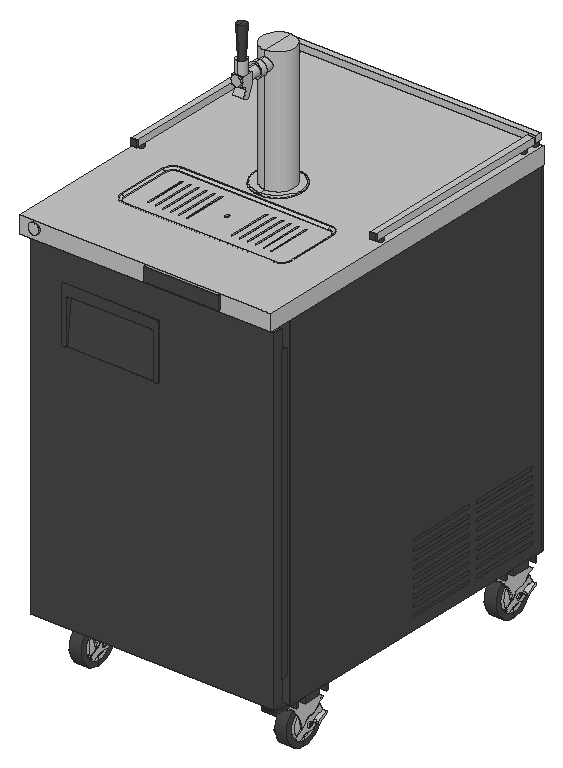
Revit family "QF_EVEREST_EBD1", category Specialty Equipment, Revit 2015 (continued)
Definition of nested family "EBD1"
  Lines and regions (mm)
    symbolic lines
      curve 10: line (7, -490, 0) -> (7, -20, 0)
      curve 11: line (21.349, -490, 0) -> (7, -490, 0)
      curve 12: line (21.349, -20, 0) -> (21.349, -490, 0)
      curve 13: line (7, -14.544, 0) -> (7, 0, 0)
      curve 14: line (7, -14.544, 0) -> (589, -14.544, 0)
      curve 15: line (589, -14.544, 0) -> (589, 0, 0)
      curve 16: line (310.005, -541.25, 0) -> (286.048, -541.25, 0)
      curve 17: line (286.048, -541.25, 0) -> (286.048, -485.25, 0)
      curve 18: line (310.005, -541.25, 0) -> (310.005, -485.25, 0)
      curve 19: line (315, -485.25, 0) -> (281, -485.25, 0)
      curve 20: line (281, -485.25, 0) -> (281, -472.25, 0)
      curve 21: line (281, -472.25, 0) -> (315, -472.25, 0)
      curve 22: line (315, -472.25, 0) -> (315, -485.25, 0)
      curve 23: line (475.5, -483, 0) -> (315, -483, 0)
      curve 24: line (475.5, -490.029, 0) -> (310.005, -490.029, 0)
      curve 25: arc (102.529, -508, 0) -> (107.792, -495.292, 0) -> (120.5, -490.029, 0) r 17.971
      curve 26: arc (95.5, -508, 0) -> (102.822, -490.322, 0) -> (120.5, -483, 0) r 25
      curve 27: line (95.5, -508, 0) -> (95.5, -630, 0)
      curve 28: arc (120.5, -655, 0) -> (102.822, -647.678, 0) -> (95.5, -630, 0) r 25
      curve 29: line (120.5, -655, 0) -> (475.5, -655, 0)
      curve 30: arc (500.5, -630, 0) -> (493.178, -647.678, 0) -> (475.5, -655, 0) r 25
      curve 31: line (500.5, -630, 0) -> (500.5, -508, 0)
      curve 32: arc (475.5, -483, 0) -> (493.178, -490.322, 0) -> (500.5, -508, 0) r 25
      curve 33: arc (475.5, -490.029, 0) -> (488.208, -495.292, 0) -> (493.471, -508, 0) r 17.971
      curve 34: line (493.471, -630, 0) -> (493.471, -508, 0)
      curve 35: arc (493.471, -630, 0) -> (488.208, -642.708, 0) -> (475.5, -647.971, 0) r 17.971
      curve 36: line (120.5, -647.971, 0) -> (475.5, -647.971, 0)
      curve 37: arc (120.5, -647.971, 0) -> (107.792, -642.708, 0) -> (102.529, -630, 0) r 17.971
      curve 38: line (102.529, -508, 0) -> (102.529, -630, 0)
      curve 39: line (281, -483, 0) -> (120.5, -483, 0)
      curve 40: line (286.048, -490.029, 0) -> (120.5, -490.029, 0)
      curve 41: arc (313.928, -472.25, 0) -> (298, -359.5, 0) -> (282.072, -472.25, 0) r 57.5
      curve 42: arc (298, -378.75, 0) -> (259.75, -417, 0) -> (298, -455.25, 0) r 38.25
      curve 43: arc (298, -455.25, 0) -> (336.25, -417, 0) -> (298, -378.75, 0) r 38.25
      curve 44: line (153.417, -519.015, 0) -> (153.417, -617.212, 0)
      curve 45: arc (153.417, -617.212, 0) -> (150.917, -619.712, 0) -> (148.417, -617.212, 0) r 2.5
      curve 46: line (148.417, -617.212, 0) -> (148.417, -519.015, 0)
      curve 47: arc (148.417, -519.015, 0) -> (150.917, -516.515, 0) -> (153.417, -519.015, 0) r 2.5
      curve 48: line (172.167, -519.015, 0) -> (172.167, -617.212, 0)
      curve 49: arc (172.167, -617.212, 0) -> (169.667, -619.712, 0) -> (167.167, -617.212, 0) r 2.5
      curve 50: line (167.167, -617.212, 0) -> (167.167, -519.015, 0)
      curve 51: arc (167.167, -519.015, 0) -> (169.667, -516.515, 0) -> (172.167, -519.015, 0) r 2.5
      curve 52: line (185.917, -617.212, 0) -> (185.917, -519.015, 0)
      curve 53: arc (185.917, -519.015, 0) -> (188.417, -516.515, 0) -> (190.917, -519.015, 0) r 2.5
      curve 54: line (190.917, -519.015, 0) -> (190.917, -617.212, 0)
      curve 55: arc (190.917, -617.212, 0) -> (188.417, -619.712, 0) -> (185.917, -617.212, 0) r 2.5
      curve 56: line (204.667, -617.212, 0) -> (204.667, -519.015, 0)
      curve 57: arc (204.667, -519.015, 0) -> (207.167, -516.515, 0) -> (209.667, -519.015, 0) r 2.5
      curve 58: line (209.667, -519.015, 0) -> (209.667, -617.212, 0)
      curve 59: arc (209.667, -617.212, 0) -> (207.167, -619.712, 0) -> (204.667, -617.212, 0) r 2.5
      curve 60: line (223.417, -617.212, 0) -> (223.417, -519.015, 0)
      curve 61: arc (223.417, -519.015, 0) -> (225.917, -516.515, 0) -> (228.417, -519.015, 0) r 2.5
      curve 62: line (228.417, -519.015, 0) -> (228.417, -617.212, 0)
      curve 63: arc (228.417, -617.212, 0) -> (225.917, -619.712, 0) -> (223.417, -617.212, 0) r 2.5
      curve 64: line (242.167, -617.212, 0) -> (242.167, -519.015, 0)
      curve 65: arc (242.167, -519.015, 0) -> (244.667, -516.515, 0) -> (247.167, -519.015, 0) r 2.5
      curve 66: line (247.167, -519.015, 0) -> (247.167, -617.212, 0)
      curve 67: arc (247.167, -617.212, 0) -> (244.667, -619.712, 0) -> (242.167, -617.212, 0) r 2.5
      curve 68: line (353.833, -519.015, 0) -> (353.833, -617.212, 0)
      curve 69: arc (353.833, -617.212, 0) -> (351.333, -619.712, 0) -> (348.833, -617.212, 0) r 2.5
      curve 70: line (348.833, -617.212, 0) -> (348.833, -519.015, 0)
      curve 71: arc (348.833, -519.015, 0) -> (351.333, -516.515, 0) -> (353.833, -519.015, 0) r 2.5
      curve 72: line (367.583, -617.212, 0) -> (367.583, -519.015, 0)
      curve 73: arc (367.583, -519.015, 0) -> (370.083, -516.515, 0) -> (372.583, -519.015, 0) r 2.5
      curve 74: line (372.583, -519.015, 0) -> (372.583, -617.212, 0)
      curve 75: arc (372.583, -617.212, 0) -> (370.083, -619.712, 0) -> (367.583, -617.212, 0) r 2.5
      curve 76: line (386.333, -617.212, 0) -> (386.333, -519.015, 0)
      curve 77: arc (386.333, -519.015, 0) -> (388.833, -516.515, 0) -> (391.333, -519.015, 0) r 2.5
      curve 78: line (391.333, -519.015, 0) -> (391.333, -617.212, 0)
      curve 79: arc (391.333, -617.212, 0) -> (388.833, -619.712, 0) -> (386.333, -617.212, 0) r 2.5
      curve 80: line (405.083, -617.212, 0) -> (405.083, -519.015, 0)
      curve 81: arc (405.083, -519.015, 0) -> (407.583, -516.515, 0) -> (410.083, -519.015, 0) r 2.5
      curve 82: line (410.083, -519.015, 0) -> (410.083, -617.212, 0)
      curve 83: arc (410.083, -617.212, 0) -> (407.583, -619.712, 0) -> (405.083, -617.212, 0) r 2.5
      curve 84: line (423.833, -617.212, 0) -> (423.833, -519.015, 0)
      curve 85: arc (423.833, -519.015, 0) -> (426.333, -516.515, 0) -> (428.833, -519.015, 0) r 2.5
      curve 86: line (428.833, -519.015, 0) -> (428.833, -617.212, 0)
      curve 87: arc (428.833, -617.212, 0) -> (426.333, -619.712, 0) -> (423.833, -617.212, 0) r 2.5
      curve 88: line (442.583, -617.212, 0) -> (442.583, -519.015, 0)
      curve 89: arc (442.583, -519.015, 0) -> (445.083, -516.515, 0) -> (447.583, -519.015, 0) r 2.5
      curve 90: line (447.583, -519.015, 0) -> (447.583, -617.212, 0)
      curve 91: arc (447.583, -617.212, 0) -> (445.083, -619.712, 0) -> (442.583, -617.212, 0) r 2.5
      curve 92: arc (298, -563.114, 0) -> (303, -568.114, 0) -> (298, -573.114, 0) r 5
      curve 93: arc (298, -573.114, 0) -> (293, -568.114, 0) -> (298, -563.114, 0) r 5
      curve 94: arc (9.4, -812, 0) -> (34.223, -959.384, 0) -> (96.007, -1095.475, 0) r 578
      curve 95: line (96.007, -1095.475, 0) -> (587, -812, 0)
      curve 96: line (313, -472.25, 0) -> (313, -452.186, 0)
      curve 97: line (283, -472.25, 0) -> (283, -452.186, 0)
  Dimensions and locks
    equal spacing: plane 3 "LEFT", plane 7 "Center Y", plane 4 "RIGHT"
    "Length": plane 3 "LEFT" to plane 4 "RIGHT"
    equal spacing: plane 5 "FRONT", plane 8 "Center X", plane 1 "BACK"
    "Depth": plane 5 "FRONT" to plane 1 "BACK"
    "Height": plane 6 "TOP" to level
    plane 6 "TOP" to plane 2 = 1001 mm
    plane 6 "TOP" to plane 9 = 876 mm
    plane 9 to plane 2 = 125 mm
    plane 6 "TOP" to plane 10 = 871 mm
    plane 6 "TOP" to plane 11 = 388 mm
    plane 12 to plane 6 "TOP" = 300 mm
    plane 5 "FRONT" to plane 1 "BACK" = 812 mm
    plane 13 to plane 1 "BACK" = 1365 mm
    aligned and locked: level to plane 2
  Automatic sketch dimensions
    curve 25 to curve 26 = 0 mm  (x2)
    curve 28 to curve 37 = 0 mm  (x2)
    curve 30 to curve 35 = 0 mm  (x2)
    curve 32 to curve 33 = 0 mm  (x2)
    curve 41 to curve 42 = 0 mm  (x2)
    curve 41 to curve 43 = 0 mm  (x2)
    curve 42 to curve 43 = 0 mm  (x2)
    curve 92 to curve 93 = 0 mm  (x2)
    curve 1 to plane 3 "LEFT" = 0 mm
    plane 1 "BACK" to curve 13 = 0 mm
    plane 5 "FRONT" to curve 94 = 0 mm
    curve 42 to plane 7 "Center Y" = 0 mm
    curve 93 to plane 7 "Center Y" = 0 mm
    curve 3 to plane 4 "RIGHT" = 0 mm
    plane 3 "LEFT" to curve 13 = 7 mm
    plane 3 "LEFT" to curve 11 = 7 mm
    curve 10 to curve 12 = 14.349 mm
    plane 3 "LEFT" to curve 27 = 95.5 mm
    plane 3 "LEFT" to curve 95 = 96.007 mm
    curve 28 to curve 38 = 7.029 mm
    curve 37 to curve 37 = 17.971 mm
    curve 25 to curve 26 = 17.971 mm
    curve 28 to curve 46 = 27.917 mm
    curve 47 to curve 47 = 2.5 mm
    curve 44 to curve 50 = 13.75 mm
    curve 51 to curve 51 = 2.5 mm
    curve 48 to curve 52 = 13.75 mm
    curve 52 to curve 55 = 2.5 mm
    curve 53 to curve 56 = 13.75 mm
    curve 56 to curve 59 = 2.5 mm
    curve 58 to curve 60 = 13.75 mm
    curve 61 to curve 61 = 2.5 mm
    curve 62 to curve 64 = 13.75 mm
    curve 65 to curve 65 = 2.5 mm
    curve 20 to plane 7 "Center Y" = 17 mm
    curve 17 to plane 7 "Center Y" = 11.952 mm
    plane 7 "Center Y" to curve 18 = 12.005 mm
    curve 18 to curve 19 = 4.995 mm
    curve 16 to curve 70 = 38.828 mm
    curve 70 to curve 71 = 2.5 mm
    curve 69 to curve 72 = 13.75 mm
    curve 75 to curve 75 = 2.5 mm
    curve 75 to curve 76 = 13.75 mm
    curve 79 to curve 79 = 2.5 mm
    curve 78 to curve 80 = 13.75 mm
    curve 83 to curve 83 = 2.5 mm
    curve 82 to curve 84 = 13.75 mm
    curve 84 to curve 85 = 2.5 mm
    curve 86 to curve 88 = 13.75 mm
    curve 91 to curve 91 = 2.5 mm
    curve 91 to curve 36 = 27.917 mm
    curve 89 to curve 23 = 27.917 mm
    curve 32 to curve 34 = 17.971 mm
    plane 4 "RIGHT" to curve 5 = 21.349 mm
    plane 4 "RIGHT" to curve 94 = 9 mm
    plane 4 "RIGHT" to curve 14 = 7 mm
    curve 5 to curve 14 = 0 mm
    plane 13 to curve 95 = 269.525 mm
    curve 95 to curve 94 = 21.5 mm
    curve 29 to plane 5 "FRONT" = 157 mm
    curve 28 to curve 67 = 12.788 mm
    curve 63 to curve 67 = 0 mm
    curve 30 to curve 84 = 12.788 mm
    curve 83 to curve 84 = 0 mm
    curve 59 to curve 63 = 0 mm
    curve 79 to curve 80 = 0 mm
    curve 87 to curve 88 = 0 mm
    curve 55 to curve 59 = 0 mm
    curve 50 to curve 55 = 0 mm
    curve 75 to curve 76 = 0 mm
    curve 46 to curve 49 = 0 mm
    curve 69 to curve 72 = 0 mm
    curve 69 to curve 93 = 49.098 mm
    curve 92 to curve 18 = 26.864 mm
    curve 16 to curve 74 = 22.235 mm
    curve 44 to curve 44 = 98.196 mm
    curve 47 to curve 48 = 0 mm
    curve 74 to curve 76 = 0 mm
    curve 78 to curve 90 = 0 mm
    curve 51 to curve 52 = 0 mm
    curve 70 to curve 73 = 0 mm
    curve 53 to curve 56 = 0 mm
    curve 78 to curve 80 = 0 mm
    curve 57 to curve 60 = 0 mm
    curve 82 to curve 84 = 0 mm
    curve 61 to curve 64 = 0 mm
    curve 46 to curve 26 = 11.015 mm
    curve 90 to curve 31 = 11.015 mm
    curve 8 to plane 8 "Center X" = 84 mm
    curve 10 to plane 8 "Center X" = 84 mm
    curve 20 to curve 39 = 2.25 mm
    curve 39 to curve 20 = 10.75 mm
    curve 43 to plane 8 "Center X" = 11 mm
    plane 1 "BACK" to curve 9 = 20 mm
    plane 1 "BACK" to curve 5 = 20 mm
    curve 5 to curve 15 = 5.456 mm
    curve 20 to curve 41 = 1.072 mm
    curve 41 to curve 97 = 0.928 mm
    plane 7 "Center Y" to curve 96 = 15 mm
    plane 4 "RIGHT" to curve 95 = 9 mm
    curve 93 to curve 92 = 5 mm
    curve 96 to curve 43 = 17 mm
    Extrusion 1 sketch curve to plane 9 = 0 mm  (x6)
    plane 10 to Extrusion 1 sketch curve = 10 mm  (x2)
    Extrusion 1 sketch curve to plane 5 "FRONT" = 79 mm
    Extrusion 1 sketch curve to Extrusion 1 sketch curve = 2 mm  (x4)
    plane 10 to Extrusion 1 sketch curve = 8 mm  (x4)
    Extrusion 1 sketch curve to Extrusion 1 sketch curve = 23 mm  (x4)
    Extrusion 1 sketch curve to Extrusion 1 sketch curve = 40 mm  (x2)
    plane 1 "BACK" to Extrusion 1 sketch curve = 113 mm
    Extrusion 2 sketch curve to Extrusion 2 sketch curve = 0 mm  (x5)
    Extrusion 2 sketch curve to plane 7 "Center Y" = 0 mm
    plane 10 to Extrusion 2 sketch curve = 15 mm
    plane 7 "Center Y" to Extrusion 2 sketch curve = 8.5 mm
    Extrusion 2 sketch curve to plane 6 "TOP" = 257 mm
    plane 3 "LEFT" to Extrusion 2 sketch curve = 87.5 mm
    Extrusion 2 sketch curve to Extrusion 2 sketch curve = 3.5 mm  (x4)
    Extrusion 2 sketch curve to Extrusion 2 sketch curve = 101.5 mm
    Extrusion 2 sketch curve to Extrusion 2 sketch curve = 5 mm  (x2)
    plane 7 "Center Y" to Extrusion 2 sketch curve = 11 mm
    Extrusion 2 sketch curve to Extrusion 2 sketch curve = 20 mm  (x2)
    plane 3 "LEFT" to Extrusion 2 sketch curve = 9 mm
    Extrusion 2 sketch curve to plane 6 "TOP" = 54 mm
    plane 4 "RIGHT" to Extrusion 2 sketch curve = 9 mm
    Extrusion 2 sketch curve to Extrusion 2 sketch curve = 11 mm
    Extrusion 2 sketch curve to Extrusion 2 sketch curve = 1 mm  (x2)
    Extrusion 3 sketch curve to Extrusion 2 = 0 mm
    Extrusion 3 sketch curve to Extrusion 2 = 3.5 mm
    Extrusion 3 sketch curve to Extrusion 2 = 19.062 mm
    Extrusion 2 to Extrusion 3 sketch curve = 10.34 mm
    Extrusion 4 sketch curve to Extrusion 4 sketch curve = 0 mm  (x2)
    Extrusion 2 to Extrusion 4 sketch curve = 5 mm
    Extrusion 4 sketch curve to Extrusion 4 sketch curve = 5 mm
    Extrusion 2 to Extrusion 4 sketch curve = 3.5 mm
    Extrusion 2 to Extrusion 4 sketch curve = 1 mm  (x2)
    Extrusion 5 sketch curve to plane 5 "FRONT" = 43.5 mm
    Extrusion 5 sketch curve to Extrusion 5 sketch curve = 15.5 mm
    plane 10 to Extrusion 5 sketch curve = 70 mm
    Extrusion 5 sketch curve to plane 6 "TOP" = 102 mm
    plane 1 "BACK" to Extrusion 6 sketch curve = 14.544 mm
    Extrusion 6 sketch curve to plane 1 "BACK" = 0.456 mm
    plane 6 "TOP" to Extrusion 6 sketch curve = 10 mm
    Extrusion 6 sketch curve to Extrusion 6 sketch curve = 15 mm
    plane 3 "LEFT" to Extrusion 7 sketch curve = 7 mm
    Extrusion 7 sketch curve to Extrusion 7 sketch curve = 14.349 mm
    plane 6 "TOP" to Extrusion 7 sketch curve = 10 mm  (x2)
    plane 4 "RIGHT" to Extrusion 7 sketch curve = 21.349 mm
    plane 4 "RIGHT" to Extrusion 7 sketch curve = 7 mm
    Extrusion 7 sketch curve to Extrusion 7 sketch curve = 15 mm  (x2)
    plane 1 "BACK" to Extrusion 8 sketch curve = 6.893 mm  (x2)
    plane 3 "LEFT" to Extrusion 8 sketch curve = 14.349 mm  (x3)
    Extrusion 8 sketch curve to Extrusion 8 sketch curve = 34.154 mm  (x2)
    plane 4 "RIGHT" to Extrusion 8 sketch curve = 14.349 mm  (x3)
    Extrusion 8 sketch curve to plane 8 "Center X" = 60.953 mm  (x2)
    Extrusion 9 sketch curve to Extrusion 7 = 0 mm  (x8)
    plane 1 "BACK" to Extrusion 10 sketch curve = 0 mm
    Extrusion 10 sketch curve to plane 3 "LEFT" = 0 mm
    plane 5 "FRONT" to Extrusion 10 sketch curve = 0 mm
    Extrusion 10 sketch curve to plane 4 "RIGHT" = 0 mm
    Extrusion 10 sketch curve to plane 8 "Center X" = 77 mm
    Extrusion 10 sketch curve to Extrusion 10 sketch curve = 25 mm  (x3)
    Extrusion 10 sketch curve to Extrusion 10 sketch curve = 122 mm  (x2)
    plane 3 "LEFT" to Extrusion 10 sketch curve = 95.5 mm
    plane 4 "RIGHT" to Extrusion 10 sketch curve = 120.5 mm
    Sweep 11 sketch curve to plane 8 "Center X" = 77 mm
    Sweep 11 sketch curve to Sweep 11 sketch curve = 25 mm  (x3)
    Sweep 11 sketch curve to Sweep 11 sketch curve = 122 mm  (x2)
    plane 3 "LEFT" to Sweep 11 sketch curve = 95.5 mm
    plane 4 "RIGHT" to Sweep 11 sketch curve = 120.5 mm
    Sweep 11 sketch curve to profile plane = 0 mm
    profile plane to Sweep 11 sketch curve = 7.029 mm
    profile plane to Sweep 11 sketch curve = 10.585 mm
    Sweep 11 sketch curve to profile plane = 6.424 mm
    Sweep 11 sketch curve to Sweep 11 sketch curve = 1.326 mm
    Sweep 11 sketch curve to profile plane = 1.518 mm
    Sweep 11 sketch curve to profile plane = 0.371 mm
    Extrusion 12 sketch curve to Extrusion 12 sketch curve = 17.971 mm  (x2)
    Extrusion 12 sketch curve to Sweep 11 = 28.987 mm  (x2)
    Extrusion 12 sketch curve to Extrusion 12 sketch curve = 0 mm  (x20)
    Extrusion 12 sketch curve to Extrusion 12 sketch curve = 49.098 mm
    Sweep 11 to Extrusion 12 sketch curve = 30.76 mm
    Extrusion 12 sketch curve to Extrusion 12 sketch curve = 12.788 mm
    Extrusion 12 sketch curve to Extrusion 12 sketch curve = 27.917 mm
    Extrusion 12 sketch curve to Extrusion 12 sketch curve = 2.5 mm  (x12)
    Extrusion 12 sketch curve to Extrusion 12 sketch curve = 13.75 mm  (x10)
    Extrusion 12 sketch curve to Extrusion 12 sketch curve = 50.833 mm  (x2)
    Revolve 13 sketch curve to plane 12 = 0 mm  (x2)
    Revolve 13 sketch curve to plane 6 "TOP" = 0 mm
    Revolve 13 sketch curve to plane 8 "Center X" = 11 mm
    plane 8 "Center X" to Revolve 13 sketch curve = 27.25 mm
    plane 6 "TOP" to Revolve 13 sketch curve = 1.031 mm
    Revolve 13 sketch curve to Revolve 13 sketch curve = 17.281 mm
    Revolve 13 sketch curve to Revolve 13 sketch curve = 1.969 mm
    Revolve 13 sketch curve to Revolve 13 sketch curve = 0 mm
    plane 12 to Revolve 13 sketch curve = 25 mm
    Revolve 14 sketch curve to plane 12 = 30 mm
    Revolve 14 sketch curve to plane 8 "Center X" = 104.25 mm
    Revolve 14 sketch curve to Revolve 14 sketch curve = 25 mm
    Revolve 14 sketch curve to Revolve 14 sketch curve = 13 mm
    Revolve 14 sketch curve to plane 12 = 15 mm
    Revolve 14 sketch curve to Revolve 14 sketch curve = 31.105 mm
    Revolve 14 sketch curve to Revolve 14 sketch curve = 3 mm
    Revolve 14 sketch curve to Revolve 14 sketch curve = 2 mm
    Revolve 14 sketch curve to Revolve 14 sketch curve = 14.105 mm
    Revolve 14 sketch curve to Revolve 14 sketch curve = 2.069 mm
    Revolve 14 sketch curve to Revolve 14 sketch curve = 0 mm
    plane 11 to Revolve 15 sketch curve = 0 mm  (x2)
    Revolve 15 sketch curve to plane 12 = 18 mm
    Revolve 15 sketch curve to plane 8 "Center X" = 119.25 mm
    plane 12 to Revolve 15 sketch curve = 12 mm
    Revolve 15 sketch curve to Revolve 15 sketch curve = 7.354 mm
    Revolve 15 sketch curve to Revolve 15 sketch curve = 10.464 mm
    Revolve 15 sketch curve to Revolve 15 sketch curve = 4.646 mm
    Revolve 15 sketch curve to Revolve 15 sketch curve = 0 mm
    Revolve 15 sketch curve to plane 11 = 25 mm
    Extrusion 16 sketch curve to plane 12 = 18 mm
    Extrusion 16 sketch curve to plane 8 "Center X" = 132.25 mm
    Extrusion 16 sketch curve to Extrusion 16 sketch curve = 3.024 mm
    Extrusion 16 sketch curve to Extrusion 16 sketch curve = 4.359 mm
    Extrusion 16 sketch curve to plane 12 = 47.756 mm
    Extrusion 16 sketch curve to Extrusion 16 sketch curve = 5.569 mm
    Extrusion 16 sketch curve to plane 12 = 70.754 mm
    Extrusion 16 sketch curve to Extrusion 16 sketch curve = 13.952 mm
    Extrusion 16 sketch curve to plane 12 = 42.827 mm
    Extrusion 16 sketch curve to Extrusion 16 sketch curve = 2.198 mm
    Extrusion 17 sketch curve to Extrusion 16 = 10.785 mm
    Extrusion 16 to Extrusion 17 sketch curve = 11.979 mm
    Extrusion 10 to Extrusion 18 sketch curve = 6 mm
    Extrusion 18 sketch curve to Extrusion 10 = 296.25 mm
    Extrusion 18 sketch curve to Extrusion 18 sketch curve = 2 mm  (x2)
    Extrusion 10 to Extrusion 18 sketch curve = 4 mm
    Extrusion 18 sketch curve to Extrusion 10 = 122.214 mm
    Extrusion 18 sketch curve to Extrusion 18 sketch curve = 0 mm
    Extrusion 18 sketch curve to Extrusion 18 sketch curve = 1.964 mm
    Extrusion 10 to Extrusion 19 sketch curve = 16 mm
    Extrusion 19 sketch curve to Extrusion 10 = 34.478 mm
    plane 10 to Extrusion 20 sketch curve = 10 mm
    Extrusion 20 sketch curve to plane 5 "FRONT" = 23 mm
    plane 10 to Extrusion 20 sketch curve = 7 mm
    Extrusion 20 sketch curve to Extrusion 20 sketch curve = 56 mm
    Extrusion 21 sketch curve to plane 10 = 0 mm
    plane 10 to Extrusion 21 sketch curve = 7 mm
    Extrusion 21 sketch curve to plane 5 "FRONT" = 23 mm
    Extrusion 21 sketch curve to Extrusion 21 sketch curve = 5 mm
    Extrusion 21 sketch curve to Extrusion 21 sketch curve = 51 mm
    Extrusion 22 sketch curve to Extrusion 20 = 10.156 mm
    Extrusion 20 to Extrusion 22 sketch curve = 14.184 mm
    Extrusion 23 sketch curve to plane 5 "FRONT" = 33.156 mm
    plane 4 "RIGHT" to Extrusion 23 sketch curve = 23.184 mm
    plane 3 "LEFT" to Extrusion 24 sketch curve = 9 mm
    plane 4 "RIGHT" to Extrusion 24 sketch curve = 9 mm
    Extrusion 24 sketch curve to plane 13 = 3.5 mm
    Revolve 25 sketch curve to plane 9 = 5 mm
    plane 8 "Center X" to Revolve 25 sketch curve = 42.13 mm
    Revolve 25 sketch curve to plane 10 = 0 mm  (x3)
    Revolve 25 sketch curve to Revolve 25 sketch curve = 6 mm
    Revolve 25 sketch curve to plane 10 = 1 mm  (x3)
    Revolve 25 sketch curve to Revolve 25 sketch curve = 10.586 mm
    Revolve 25 sketch curve to Revolve 25 sketch curve = 1.414 mm
    Revolve 25 sketch curve to Revolve 25 sketch curve = 42.096 mm
    Revolve 25 sketch curve to Revolve 25 sketch curve = 2.792 mm
    Revolve 25 sketch curve to Revolve 25 sketch curve = 8.086 mm
    Revolve 25 sketch curve to Revolve 25 sketch curve = 3.5 mm
    Revolve 25 sketch curve to plane 10 = 2 mm
    Revolve 25 sketch curve to Revolve 25 sketch curve = 5 mm
    Revolve 25 sketch curve to Revolve 25 sketch curve = 2.566 mm
    Revolve 25 sketch curve to Revolve 25 sketch curve = 5.98 mm
    Revolve 25 sketch curve to Revolve 25 sketch curve = 0 mm
    plane 10 to Extrusion 26 sketch curve = 10 mm
    plane 8 "Center X" to Extrusion 26 sketch curve = 63.83 mm
    plane 9 to Extrusion 26 sketch curve = 0 mm
    Extrusion 26 sketch curve to Extrusion 26 sketch curve = 3.396 mm  (x2)
    Extrusion 26 sketch curve to Extrusion 26 sketch curve = 31.604 mm
    Extrusion 27 sketch curve to plane 5 "FRONT" = 59 mm
    plane 8 "Center X" to Extrusion 27 sketch curve = 22.01 mm  (x2)
    Extrusion 27 sketch curve to Extrusion 27 sketch curve = 0 mm  (x29)
    Extrusion 27 sketch curve to Extrusion 27 sketch curve = 160.236 mm
    Extrusion 27 sketch curve to Extrusion 27 sketch curve = 26.507 mm  (x3)
    plane 1 "BACK" to Extrusion 27 sketch curve = 37.01 mm
    plane 1 "BACK" to Extrusion 27 sketch curve = 5 mm
    plane 10 to Extrusion 27 sketch curve = 10 mm
    plane 10 to Extrusion 27 sketch curve = 36.527 mm  (x2)
    Extrusion 27 sketch curve to Extrusion 27 sketch curve = 5 mm  (x18)
    Extrusion 27 sketch curve to Extrusion 27 sketch curve = 9.979 mm  (x16)
    Extrusion 27 sketch curve to plane 6 "TOP" = 40 mm
    plane 10 to Extrusion 28 sketch curve = 10 mm
    Extrusion 28 sketch curve to plane 5 "FRONT" = 59 mm
    plane 1 "BACK" to Extrusion 28 sketch curve = 5 mm
    Extrusion 28 sketch curve to plane 6 "TOP" = 40 mm
    Extrusion 29 sketch curve to plane 5 "FRONT" = 59 mm
    plane 8 "Center X" to Extrusion 29 sketch curve = 22.01 mm  (x2)
    Extrusion 29 sketch curve to Extrusion 29 sketch curve = 0 mm  (x29)
    Extrusion 29 sketch curve to Extrusion 29 sketch curve = 160.236 mm
    Extrusion 29 sketch curve to Extrusion 29 sketch curve = 26.507 mm  (x3)
    plane 1 "BACK" to Extrusion 29 sketch curve = 37.01 mm
    plane 1 "BACK" to Extrusion 29 sketch curve = 3 mm
    plane 10 to Extrusion 29 sketch curve = 10 mm
    plane 10 to Extrusion 29 sketch curve = 36.527 mm  (x2)
    Extrusion 29 sketch curve to Extrusion 29 sketch curve = 5 mm  (x18)
    Extrusion 29 sketch curve to Extrusion 29 sketch curve = 9.979 mm  (x16)
    Extrusion 29 sketch curve to plane 6 "TOP" = 40 mm
    plane 4 "RIGHT" to Extrusion 30 sketch curve = 0 mm
    plane 3 "LEFT" to Extrusion 30 sketch curve = 2 mm
    Extrusion 30 sketch curve to plane 6 "TOP" = 40 mm
    plane 10 to Extrusion 30 sketch curve = 206.36 mm
    Extrusion 30 sketch curve to Extrusion 30 sketch curve = 0 mm  (x30)
    Extrusion 30 sketch curve to Extrusion 30 sketch curve = 5 mm  (x18)
    Extrusion 30 sketch curve to Extrusion 30 sketch curve = 9.979 mm  (x16)
    plane 10 to Extrusion 30 sketch curve = 10 mm
    plane 4 "RIGHT" to Extrusion 30 sketch curve = 125.817 mm
    plane 7 "Center Y" to Extrusion 30 sketch curve = 30.111 mm  (x2)
    Extrusion 30 sketch curve to plane 7 "Center Y" = 30.111 mm  (x3)
    plane 3 "LEFT" to Extrusion 30 sketch curve = 125.817 mm
    radius of Extrusion 4 sketch curve to Extrusion 2 = 0 mm  (x5)
    radius of Extrusion 8 sketch curve = 6 mm  (x6)
    radius of Extrusion 12 sketch curve to Sweep 11 = 0 mm  (x2)
    radius of Extrusion 12 sketch curve = 5 mm
    radius of Extrusion 17 sketch curve = 11.979 mm
    radius of Extrusion 19 sketch curve = 12.75 mm
    radius of Extrusion 22 sketch curve = 10 mm
    radius of Extrusion 23 sketch curve = 10 mm
